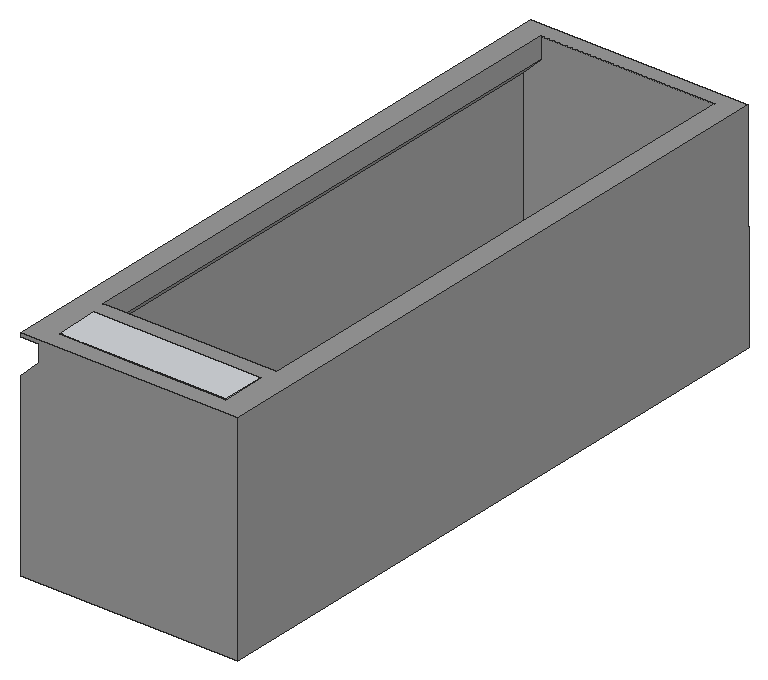
Revit family "Shower_Cabinet-Willoughby-US-3030-FA-R", category Plumbing Fixtures, Revit 2015
Parameters (values of type "Standard")
  Waste Radius = Waste DIA / 2  # 1"
  Waste DIA = 2"
  Waste Connection = yes
  Vent Connection = no
  URL = "https://www.willoughby-ind.com/wp-content/uploads/2018/01/US-3636-FA.pdf"
  Revision = "A"
  Model = "US-3030-FA-R"
  Manufacturer = "Willoughby Industries"
  HW Connection = no
  HCW Inlet RAD = HCW Inlet DIA / 2  # 1/4"
  HCW Inlet DIA = 1/2"
  Fixture Body = Stainless Steel AISI 304-Willoughby
  Description = "US 30\" X 30\" Front Access Series Cabinet Shower, Right Hand"
  Default Elevation = 0' - 0"
  Contact info = "(800) 428-4065"
  CW Connection = no
  CW & HW Inlet = yes
Reference planes (in)
  plane 1 "Center (Front/Back)": y = 0
  plane 2: z = 0
  plane 3 "Center (Left/Right)": x = 0
  plane 4: y = 88
  plane 5: x = -15
  plane 6: x = 15
  plane 7: z = 30
  plane 8: z = 15
  plane 9 "Waste Height": y = 6.5
Forms (in)
  Extrusion 1, solid, material "Stainless Steel AISI 304-Willoughby" <- "Fixture Body"
    sketch origin (0, 0, 0) x (1, 0, 0) y (0, 0, 1)
      loop
        line (-15, 0) -> (15, 0) -> (15, 30) -> (-15, 30) -> (-15, 29.5) -> (-12.5, 29.5) -> (-12.5, 27.20711) -> (-15, 24.70711) -> (-15, 0)
    from 0 to -88
  Extrusion 2, void, detail levels fine
    sketch origin (0, 0, 0) x (1, 0, 0) y (0, 0, 1)
      loop
        line (14.5, 0.5) -> (14.5, 24.5) -> (12, 27) -> (12, 30) -> (-12, 30) -> (-12, 27) -> (-14.5, 24.5) -> (-14.5, 0.5) -> (14.5, 0.5)
    from -10.5 to -86
  Extrusion 3, void, detail levels fine
    sketch origin (0, 0, 0) x (1, 0, 0) y (0, 0, 1)
      loop
        line (-14.5, 0.5) -> (14.5, 0.5) -> (14.5, 24.5) -> (12, 27) -> (-12, 27) -> (-14.5, 24.5) -> (-14.5, 0.5)
    from -9 to -10.5
  Extrusion 4, void, detail levels fine
    sketch origin (0.89838, 0, 3.72188) x (1, 0, 0) y (0, 0, 1)
      loop
        circle (-0.89838, 11.27812) r 2
    from -8.61062 to -9
  Extrusion 5, solid, material "Stainless Steel AISI 304-Willoughby" <- "Fixture Body", detail levels fine
    sketch origin (0, 0, 0) x (1, 0, 0) y (0, 1, 0)
      loop
        circle (0, 6.5) r 1
    from 0 to 5.55813
  Extrusion 6, solid, material "Stainless Steel AISI 304-Willoughby" <- "Fixture Body", detail levels medium+fine
    sketch origin (14.12132, 0, 24.87868) x (0.707107, 0, -0.707107) y (0, -1, 0)
      loop
        circle (-1.23223, -81) r 0.75
    from 0 to 2
  Extrusion 7, solid
    sketch origin (0, 0, 0) x (1, 0, 0) y (0, 0, 1)
      loop
        line (0, 30) -> (11.5, 30) -> (11.5, 30.075) -> (-11.5, 30.075) -> (-11.5, 30) -> (0, 30)
    from -2.375 to -8.375
Cuts and joins
  Extrusion 2, Extrusion 3, Extrusion 4 cuts Extrusion 1
Lines and regions (in)
  model lines, detail levels coarse+medium
    curve 1: line (-15, 0, 30) -> (-15, 0, 29.5)
    curve 2: line (-12.5, 0, 27.20711) -> (-15, 0, 24.70711)
  symbolic lines
    curve 3: line (-15, 0, 0) -> (-15, 88, 0)
    curve 4: line (-15, 88, 0) -> (15, 88, 0)
    curve 5: line (15, 88, 0) -> (15, 0, 0)
    curve 6: line (15, 0, 0) -> (-15, 0, 0)
    curve 15: line (15, 0, 0) -> (15, 0, 30)
    curve 16: line (-15, 0, 30) -> (-15, 0, 29.5)
    curve 17: line (-12.5, 0, 29.5) -> (-12.5, 0, 27.20711)
    curve 18: line (-15, 0, 29.5) -> (-12.5, 0, 29.5)
    curve 19: line (-12.5, 0, 27.20711) -> (-15, 0, 24.70711)
    curve 20: line (-15, 0, 24.70711) -> (-15, 0, 0)
    curve 21: line (-15, 0, 0) -> (15, 0, 0)
    curve 22: line (0, 0, 0) -> (0, 88, 0)
    curve 23: line (0, 88, 0) -> (0, 88, 30)
    curve 24: line (0, 88, 30) -> (0, 0, 30)
    curve 25: line (0, 0, 30) -> (0, 0, 0)
    curve 36: line (15, 0, 30) -> (-15, 0, 30)
  symbolic lines, detail levels medium+fine
    curve 7: line (-12, 86, 0) -> (12, 86, 0)
    curve 8: line (12, 86, 0) -> (12, 10.5, 0)
    curve 9: line (12, 10.5, 0) -> (-12, 10.5, 0)
    curve 10: line (-12, 10.5, 0) -> (-12, 86, 0)
    curve 26: line (0, 0, 24.70711) -> (0, 88, 24.70711)
    curve 27: line (0, 88, 27.20711) -> (0, 0, 27.20711)
    curve 28: line (0, 0, 29.5) -> (0, 88, 29.5)
    curve 29: line (-14.5, 9, 0) -> (-14.5, 86, 0)
    curve 30: line (14.5, 86, 0) -> (14.5, 9, 0)
    curve 31: line (14.5, 9, 0) -> (-14.5, 9, 0)
    curve 32: line (-12.5, 0, 0) -> (-12.5, 88, 0)
    curve 37: line (12, 0, 30) -> (12, 0, 27)
    curve 38: line (12, 0, 27) -> (14.5, 0, 24.5)
    curve 39: line (14.5, 0, 24.5) -> (14.5, 0, 0.5)
    curve 40: line (14.5, 0, 0.5) -> (-14.5, 0, 0.5)
    curve 41: line (-14.5, 0, 0.5) -> (-14.5, 0, 24.5)
    curve 42: line (-14.5, 0, 24.5) -> (-12, 0, 27)
    curve 43: line (-12, 0, 27) -> (12, 0, 27)
    curve 44: line (-12, 0, 30) -> (-12, 0, 27)
    curve 45: line (-14.5, 86, 0) -> (14.5, 86, 0)
  symbolic lines, detail levels fine
    curve 11: line (12, 81.75, 0) -> (11.8108, 81.75, 0)
    curve 12: line (11.8108, 80.25, 0) -> (12, 80.25, 0)
    curve 13: spline (11.8108, 81.75, 0) -> (11.68001, 81.72444, 0) -> (11.55813, 81.64952, 0) -> (11.45347, 81.53033, 0) -> (11.37316, 81.375, 0) -> (11.32268, 81.19411, 0) -> (11.30546, 81, 0) -> (11.32268, 80.80589, 0) -> (11.37316, 80.625, 0) -> (11.45347, 80.46967, 0) -> (11.55813, 80.35048, 0) -> (11.68001, 80.27556, 0) -> (11.8108, 80.25, 0)
    curve 14: circle (0, 50.9968, 0) r 0.74999 normal (0, 0, 1)
    curve 33: line (12, 81.75, 0) -> (11.8108, 81.75, 0)
    curve 34: line (12, 80.25, 0) -> (11.8108, 80.25, 0)
    curve 35: spline (11.8108, 81.75, 0) -> (11.68001, 81.72444, 0) -> (11.55813, 81.64952, 0) -> (11.45347, 81.53033, 0) -> (11.37316, 81.375, 0) -> (11.32268, 81.19411, 0) -> (11.30546, 81, 0) -> (11.32268, 80.80589, 0) -> (11.37316, 80.625, 0) -> (11.45347, 80.46967, 0) -> (11.55813, 80.35048, 0) -> (11.68001, 80.27556, 0) -> (11.8108, 80.25, 0)
Dimensions and locks (in)
  plane 4 to cut or joined group of Extrusion 1, Extrusion 2, Extrusion 3, Extrusion 4 = 0' - 2"
  cut or joined group of Extrusion 1, Extrusion 2, Extrusion 3, Extrusion 4 to cut or joined group of Extrusion 1, Extrusion 2, Extrusion 3, Extrusion 4 = 0' - 10 1/2"
  cut or joined group of Extrusion 1, Extrusion 2, Extrusion 3, Extrusion 4 to plane 1 "Center (Front/Back)" = 0' - 9"
  level to plane 8 = 1' - 3"
  plane 1 "Center (Front/Back)" to plane 9 "Waste Height" = 0' - 6 1/2"
  Extrusion 6 sketch curve to cut or joined group of Extrusion 1, Extrusion 2, Extrusion 3, Extrusion 4 = 6' - 0"
  Extrusion 3 sketch curve to Extrusion 3 sketch curve = 2' - 5"
  locked: Extrusion 3 sketch curve to Extrusion 3 sketch curve at 2.5  (x2)
  locked: Extrusion 1 sketch curve to Extrusion 1 sketch curve at 30
  locked: Extrusion 1 sketch curve to Extrusion 1 sketch curve at 0.5
  plane 1 "Center (Front/Back)" to plane 4 = 7' - 4"
  plane 1 "Center (Front/Back)" to curve 13 = 6' - 9"
  locked: plane 5 to plane 6 at 30
  plane 5 to plane 6 = 2' - 6"
  angle Extrusion 3 sketch curve to Extrusion 3 sketch curve = 45.00°  (x2)
  aligned and locked: Extrusion 1 to plane 4
  aligned: plane 5 to Extrusion 1
  aligned: Extrusion 1 to plane 6
  aligned: plane 7 to Extrusion 1
  aligned: cut or joined group of Extrusion 1, Extrusion 2, Extrusion 3, Extrusion 4 to cut or joined group of Extrusion 1, Extrusion 2, Extrusion 3, Extrusion 4  (x3)
  aligned and locked: level to cut or joined group of Extrusion 1, Extrusion 2, Extrusion 3, Extrusion 4
  aligned and locked: Extrusion 3 sketch curve to cut or joined group of Extrusion 1, Extrusion 2, Extrusion 3, Extrusion 4
  aligned and locked: cut or joined group of Extrusion 1, Extrusion 2, Extrusion 3, Extrusion 4 to plane 6
  aligned and locked: plane 5 to cut or joined group of Extrusion 1, Extrusion 2, Extrusion 3, Extrusion 4
  aligned and locked: plane 7 to cut or joined group of Extrusion 1, Extrusion 2, Extrusion 3, Extrusion 4
  aligned and locked: cut or joined group of Extrusion 1, Extrusion 2, Extrusion 3, Extrusion 4 to Extrusion 6
  aligned and locked: cut or joined group of Extrusion 1, Extrusion 2, Extrusion 3, Extrusion 4 to cut or joined group of Extrusion 1, Extrusion 2, Extrusion 3, Extrusion 4  (x2)
  aligned and locked: curve 2 to cut or joined group of Extrusion 1, Extrusion 2, Extrusion 3, Extrusion 4
Connectors (in)
  piping at (0, 6.5, 0), diameter 2, driven by "Waste Connection", driven by "Waste Radius"
    settings: on Extrusion 5, index 2, connector inside diameter 2", connector length 0' - 0", flow factor 0, pipe flow 0 GPM, pressure drop 0.00 psi, fitting loss kfactor 0, connector angle 0.00°, fixture units 0, engagement length 0' - 0", angle of deflection 0.00°, flow configuration 0, flow direction 2, fitting loss method 0, system type 16, joint type 0, gender type 0, connector reference index -1, connector utility 1, adjustable connector yes, is connector primary yes, connector description "Shower Drain"
